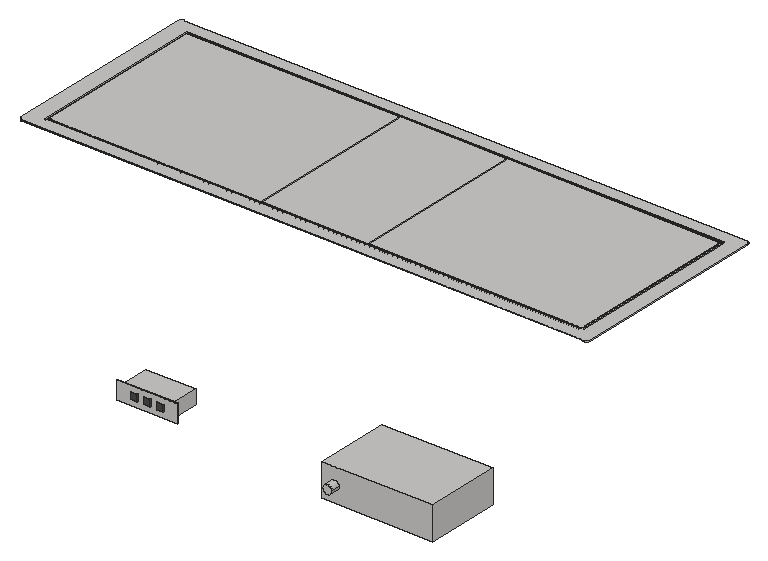
Revit family "QF_ELECTROLUXPROFESSIONAL_341018_D04H5", category Specialty Equipment, Revit 2018
Family settings
  Round Connector Dimension = Use Diameter
  Part Type = Normal
  Work Plane-Based = No
  Always vertical = Yes
  Cut with Voids When Loaded = No
  Shared = No
  Room Calculation Point = No
Parameters (values of type "Standard")
  Weight = 31.70 kg
  Watts = 0 W
  Volts = 220 V
  URL Manufacturer = "http://professional.electrolux.com"
  URL = "http://professional.electrolux.com"
  Steam Supply Size = 0 mm
  Steam Supply Minimum Pressure = 0.0 Pa
  Steam Supply Maximum Pressure = 0.0 Pa
  Steam Pounds per Hour = 0
  Show Clearance [instance] = yes
  Remote Electrical Box_Z [instance] = 200.00 mm
  Remote Electrical Box_Y [instance] = 500.00 mm
  Remote Electrical Box_X [instance] = 1000.00 mm
  Refrigeration Suction Line Size = 0 mm
  Refrigeration Liquid Line Size = 0 mm
  Refrigerant Compressor Remote = yes
  Manufacturer = "Electrolux Professional"
  Phase = 1
  Model = "D04H5"
  Length Actual = 1740.00 mm  # constant formula
  Item Number = "341018"
  Hot Water Size = 0 mm
  Height Actual = 80.00 mm  # constant formula
  HP = "0 HP"
  Gas Size = 0 mm
  Gas KW = 0
  Gas Input Pressure = 0 W
  Direct Waste Size = 0 mm
  Description = "DROP-IN TEMPERED GLASS TOP, 5GN"
  Depth Actual = 620.00 mm  # constant formula
  Cycle = 60 Hz
  Controller_Y [instance] = 500.00 mm
  Controller_1Z [instance] = 200.00 mm
  Controller_1X [instance] = 300.00 mm
  Condensate Return Size = 0 mm
  Compressed Air Volume = 0.0 L/s
  Compressed Air Size = 0 mm
  Compressed Air Pressure = 0.0 Pa
  Cold Water Size = 0 mm
  Accessory = yes
Types (2, lengths in mm): name | Volts | URL Manufacturer | URL | Manufacturer | Phase | Model | Item Number | Description | Cycle
  341018.rfa | 0 V | "" | 0.00 | 0.00 | 0 | 0.00 | "" | 0.00 | 0 Hz
  Standard | 220 V | "http://professional.electrolux.com" | "http://professional.electrolux.com" | "Electrolux Professional" | 1 | "D04H5" | "341018" | "DROP-IN TEMPERED GLASS TOP, 5GN" | 60 Hz
Reference planes
  plane 1 "Centro (Fronte/Retro)": y = 74.737
  plane 2: z = 0
  plane 3 "BACK": y = 384.737
  plane 4 "FRONT": y = -235.263
  plane 5 "RIGHT": x = 355.731
  plane 6 "LEFT": x = -1384.269
  plane 7: x = -514.269
  plane 8 "TOP": z = 900
  plane 9: y = 345.957
  plane 10: y = -196.483
  plane 11: x = -1334.989
  plane 12: x = 306.451
  plane 13: z = 898
  plane 14: z = 822
  plane 15: z = 825
  plane 16: x = 300.231
  plane 17: x = -1328.769
  plane 18: y = 339.737
  plane 19: y = -190.263
  plane 20: x = -515.269
  plane 21: x = -513.269
  plane 22: x = -678.769
  plane 23: x = -676.769
  plane 24: x = -351.769
  plane 25: x = -349.769
  plane 26: x = -1084.269
  plane 27: x = -384.269
  plane 28: y = -115.263
  plane 29: y = -115.263
  plane 30: z = 200
  plane 31: z = 200
Forms (mm)
  Extrusion 1, solid, material "QF_Finishes_Stainless Steel"
    sketch origin (0, 0, 900) x (-1, 0, 0) y (0, -1, 0)
      loop
        arc (1374.269, -384.737) -> (1381.34, -381.808) -> (1384.269, -374.737) r 10
        line (1384.269, -374.737) -> (1384.269, 225.263)
        arc (1384.269, 225.263) -> (1381.34, 232.334) -> (1374.269, 235.263) r 10
        line (1374.269, 235.263) -> (-345.731, 235.263)
        arc (-345.731, 235.263) -> (-352.802, 232.334) -> (-355.731, 225.263) r 10
        line (-355.731, 225.263) -> (-355.731, -374.737)
        arc (-355.731, -374.737) -> (-352.802, -381.808) -> (-345.731, -384.737) r 10
        line (-345.731, -384.737) -> (1374.269, -384.737)
      loop
        line (1334.989, -345.957) -> (1334.989, 196.483) -> (-306.451, 196.483) -> (-306.451, -345.957) -> (1334.989, -345.957)
    from 0 to -2
  Extrusion 2, solid, material "QF_Finishes_Stainless Steel"
    sketch origin (0, 0, 900) x (-1, 0, 0) y (0, -1, 0)
      loop
        line (1334.989, -345.957) -> (1334.989, 196.483) -> (-306.451, 196.483) -> (-306.451, -345.957) -> (1334.989, -345.957)
    from -2 to -78
  Sweep 3, void
    path origin (0, 0, 900) x (-1, 0, 0) y (0, -1, 0)
      loop
        line (1334.989, -345.957) -> (1334.989, 196.483) -> (-306.451, 196.483) -> (-306.451, -345.957) -> (1334.989, -345.957)
    profile origin (-514.269, 345.957, 900) x (0, 1, 0) y (0, 0, 1)
      loop
        line (0, -2) -> (-75, -78.22) -> (0, -78.22) -> (0, -2)
  Extrusion 4, solid, material "QF_Finishes_Stainless Steel"
    sketch origin (0, 0, 900) x (-1, 0, 0) y (0, -1, 0)
      loop
        line (1328.769, -339.737) -> (1328.769, 190.263) -> (678.769, 190.263) -> (678.769, -339.737) -> (1328.769, -339.737)
      loop
        line (349.769, -339.737) -> (349.769, 190.263) -> (-300.231, 190.263) -> (-300.231, -339.737) -> (349.769, -339.737)
      loop
        line (676.769, -339.737) -> (676.769, 190.263) -> (351.769, 190.263) -> (351.769, -339.737) -> (676.769, -339.737)
    from -2 to 0
Cuts and joins
  Sweep 3 cuts Extrusion 2
Lines and regions (mm)
  symbolic lines
    curve 1: line (345.731, 384.737, 900) -> (-1374.269, 384.737, 900)
    curve 2: arc (-1374.269, 384.737, 900) -> (-1381.34, 381.808, 900) -> (-1384.269, 374.737, 900) r 10
    curve 3: line (-1384.269, 374.737, 900) -> (-1384.269, -225.263, 900)
    curve 4: arc (-1384.269, -225.263, 900) -> (-1381.34, -232.334, 900) -> (-1374.269, -235.263, 900) r 10
    curve 5: line (-1374.269, -235.263, 900) -> (345.731, -235.263, 900)
    curve 6: arc (345.731, -235.263, 900) -> (352.802, -232.334, 900) -> (355.731, -225.263, 900) r 10
    curve 7: line (355.731, -225.263, 900) -> (355.731, 374.737, 900)
    curve 8: arc (355.731, 374.737, 900) -> (352.802, 381.808, 900) -> (345.731, 384.737, 900) r 10
    curve 9: line (-1334.989, 345.957, 900) -> (306.451, 345.957, 900)
    curve 10: line (-1334.989, -196.483, 900) -> (-1334.989, 345.957, 900)
    curve 11: line (306.451, -196.483, 900) -> (-1334.989, -196.483, 900)
    curve 12: line (306.451, 345.957, 900) -> (306.451, -196.483, 900)
    curve 13: line (-1328.769, 339.737, 900) -> (-678.769, 339.737, 900)
    curve 14: line (-1328.769, -190.263, 900) -> (-1328.769, 339.737, 900)
    curve 15: line (-678.769, -190.263, 900) -> (-1328.769, -190.263, 900)
    curve 16: line (-678.769, 339.737, 900) -> (-678.769, -190.263, 900)
    curve 17: line (300.231, -190.263, 900) -> (300.231, 339.737, 900)
    curve 18: line (-349.769, -190.263, 900) -> (-349.769, 339.737, 900)
    curve 19: line (-349.769, 339.737, 900) -> (300.231, 339.737, 900)
    curve 20: line (300.231, -190.263, 900) -> (-349.769, -190.263, 900)
    curve 21: line (-676.769, 339.737, 900) -> (-351.769, 339.737, 900)
    curve 22: line (-676.769, -190.263, 900) -> (-676.769, 339.737, 900)
    curve 23: line (-351.769, -190.263, 900) -> (-676.769, -190.263, 900)
    curve 24: line (-351.769, 339.737, 900) -> (-351.769, -190.263, 900)
  symbolic lines, style "SpecialityEquipmentHiddenLines"
    curve 25: line (-1334.989, 345.957, 900) -> (-1259.989, 270.957, 900)
    curve 26: line (-1259.989, 270.957, 900) -> (231.451, 270.957, 900)
    curve 27: line (-1259.989, -121.483, 900) -> (-1259.989, 270.957, 900)
    curve 28: line (-1334.989, -196.483, 900) -> (-1259.989, -121.483, 900)
    curve 29: line (231.451, -121.483, 900) -> (-1259.989, -121.483, 900)
    curve 30: line (306.451, -196.483, 900) -> (231.451, -121.483, 900)
    curve 31: line (231.451, 270.957, 900) -> (231.451, -121.483, 900)
    curve 32: line (231.451, 270.957, 900) -> (306.451, 345.957, 900)
Dimensions and locks
  plane 6 "LEFT" to plane 5 "RIGHT" = 1740.00 mm
  equal spacing: plane 3 "BACK", plane 1 "Centro (Fronte/Retro)", plane 4 "FRONT"
  plane 3 "BACK" to plane 4 "FRONT" = 620.00 mm
  equal spacing: plane 6 "LEFT", plane 7, plane 5 "RIGHT"
  locked: plane 8 "TOP" to plane 2 at 900
  locked: plane 3 "BACK" to plane 9 at 38.78
  locked: plane 10 to plane 4 "FRONT" at 38.78
  plane 6 "LEFT" to plane 11 = 49.28 mm
  plane 12 to plane 5 "RIGHT" = 49.28 mm
  locked: plane 8 "TOP" to plane 13 at 2
  plane 8 "TOP" to plane 14 = 78.00 mm
  locked: plane 15 to plane 14 at 3
  locked: plane 11 to plane 17 at 6.22
  locked: plane 16 to plane 12 at 6.22
  locked: plane 9 to plane 18 at 6.22
  locked: plane 19 to plane 10 at 6.22
  plane 17 to plane 20 to plane 21 to plane 16 = 813.50 mm, 2.00 mm, 813.50 mm
  plane 17 to plane 16 = 1629.00 mm
  plane 18 to plane 19 = 530.00 mm
  "Controller_Y": plane 3 "BACK" to plane 29
  "Remote Electrical Box_Y": plane 3 "BACK" to plane 28
  "Controller_1X": plane 6 "LEFT" to plane 26
  "Remote Electrical Box_X": plane 6 "LEFT" to plane 27
  "Controller_1Z": plane 31 to plane 2
  "Remote Electrical Box_Z": plane 30 to plane 2
  aligned and locked: level to plane 2
  aligned and locked: Extrusion 1 sketch curve to plane 3 "BACK"
  aligned and locked: plane 6 "LEFT" to Extrusion 1 sketch curve
  aligned and locked: plane 4 "FRONT" to Extrusion 1 sketch curve
  aligned and locked: Extrusion 1 sketch curve to plane 5 "RIGHT"
  aligned and locked: Extrusion 1 sketch curve to plane 9
  aligned and locked: plane 11 to Extrusion 1 sketch curve
  aligned and locked: Extrusion 1 sketch curve to plane 10
  aligned and locked: Extrusion 1 sketch curve to plane 12
  aligned and locked: Extrusion 1 to plane 13
  aligned and locked: Extrusion 2 to plane 14
  aligned and locked: Extrusion 2 to Extrusion 1
  aligned and locked: plane 11 to Extrusion 2 sketch curve
  aligned and locked: Extrusion 2 sketch curve to plane 9
  aligned and locked: Extrusion 2 sketch curve to plane 12
  aligned and locked: Extrusion 2 sketch curve to plane 10
  aligned and locked: Sweep 3 sketch curve to Extrusion 1  (x4)
  aligned and locked: Extrusion 4 sketch curve to plane 18
  aligned and locked: plane 17 to Extrusion 4 sketch curve
  aligned and locked: plane 19 to Extrusion 4 sketch curve
  aligned and locked: Extrusion 1 to Extrusion 4
  aligned and locked: plane 8 "TOP" to Extrusion 4
  aligned and locked: plane 25 to Extrusion 4 sketch curve
  aligned and locked: Extrusion 4 sketch curve to plane 22
  aligned and locked: Extrusion 4 sketch curve to curve 21
  aligned and locked: Extrusion 4 sketch curve to curve 22
  aligned and locked: Extrusion 4 sketch curve to curve 23
  aligned and locked: Extrusion 4 sketch curve to curve 24
  aligned and locked: plane 26 to nested 1
  aligned and locked: plane 27 to nested 2
  aligned and locked: plane 28 to nested 2
  aligned and locked: plane 29 to nested 1
  aligned and locked: nested 1 to plane 31
  aligned and locked: plane 30 to nested 2
Automatic sketch dimensions
  Extrusion 1 sketch curve to plane 5 "RIGHT" = 10.00 mm
  Extrusion 1 sketch curve to plane 3 "BACK" = 10.00 mm  (x2)
  Extrusion 1 sketch curve to Extrusion 1 sketch curve = 10.00 mm
  Sweep 3 sketch curve to profile plane = 0.00 mm
  profile plane to Sweep 3 sketch curve = 75.00 mm
  Sweep 3 sketch curve to plane 8 "TOP" = 78.22 mm
  Sweep 3 sketch curve to plane 8 "TOP" = 2.00 mm
  curve 7 to plane 5 "RIGHT" = 0.00 mm
  curve 8 to plane 3 "BACK" = 0.00 mm
  curve 5 to plane 4 "FRONT" = 0.00 mm
  plane 9 to curve 12 = 0.00 mm
  curve 12 to plane 12 = 0.00 mm
  curve 17 to plane 16 = 0.00 mm
  curve 19 to plane 18 = 0.00 mm
  curve 19 to plane 25 = 0.00 mm
  curve 21 to plane 18 = 0.00 mm
  curve 21 to plane 24 = 0.00 mm
  curve 23 to plane 19 = 0.00 mm
  curve 23 to plane 23 = 0.00 mm
  curve 16 to plane 19 = 0.00 mm
  curve 16 to plane 22 = 0.00 mm
  curve 15 to plane 17 = 0.00 mm
  curve 10 to plane 10 = 0.00 mm
  curve 10 to plane 11 = 0.00 mm
  curve 4 to plane 6 "LEFT" = 0.00 mm
  curve 16 to plane 18 = 0.00 mm
  curve 20 to plane 19 = 0.00 mm
  curve 6 to curve 6 = 10.00 mm
  curve 8 to plane 3 "BACK" = 10.00 mm
  curve 2 to plane 3 "BACK" = 10.00 mm
  plane 4 "FRONT" to curve 4 = 10.00 mm
  Extrusion 4 sketch curve to plane 16 = 0.00 mm
  Extrusion 4 sketch curve to plane 18 = 0.00 mm
  Extrusion 4 sketch curve to plane 19 = 0.00 mm
  plane 17 to curve 25 = 68.78 mm
  plane 19 to curve 27 = 68.78 mm
  curve 29 to plane 16 = 68.78 mm
  curve 26 to plane 18 = 68.78 mm
Nested families
  nested 1: "Controller" at (-1084.269, -115.263, 200), type "Controller"
  nested 2: "Remote_Electrical_Box" at (-384.269, -0.263, 100), type "Remote_Electrical_Box"
  nested 3: "Sun" at (175.731, -45.263, 900), type "Sun"
Connectors
  electrical at (-514.269, -142.263, 149.381)
    settings: on nested 2, index 1, voltage 0 V, apparent load 0 VA, apparent load phase1 0 VA, apparent load phase2 0 VA, apparent load phase3 0 VA, power factor 1, load classification "Altro", number of poles 1, system type 14, power factor state 1, is connector primary yes, connector utility no, sub classification motor no, connector description ""
Definition of nested family "Controller"
  Reference planes
    plane 1 "Center (Front/Back)": y = 0
    plane 2: z = 0
    plane 3 "Center (Left/Right)": x = 0
  Forms (mm)
    Extrusion 1, solid
      sketch origin (0, 44.769, -48.2) x (1, 0, 0) y (0, 1, 0)
        loop
          line (-76, 43.231) -> (-76, -47.65) -> (76, -47.65) -> (76, 43.231) -> (-76, 43.231)
      from 6.2 to 48.2
    Extrusion 2, solid
      sketch origin (0, 44.769, -48.2) x (1, 0, 0) y (0, 0, 1)
        loop
          line (-92.25, 54.4) -> (-92.25, 0) -> (92.25, 0) -> (92.25, 54.4) -> (-92.25, 54.4)
        loop
          line (-76, 48.2) -> (-76, 6.2) -> (76, 6.2) -> (76, 48.2) -> (-76, 48.2)
      from 44.769 to 47.65
    Extrusion 3, solid
      sketch origin (76, -2.881, -48.2) x (-1, 0, 0) y (0, 0, -1)
        loop
          line (106, -37.2) -> (126, -37.2) -> (126, -17.2) -> (106, -17.2) -> (106, -37.2)
        loop
          line (66, -37.2) -> (86, -37.2) -> (86, -17.2) -> (66, -17.2) -> (66, -37.2)
        loop
          line (26, -37.2) -> (46, -37.2) -> (46, -17.2) -> (26, -17.2) -> (26, -37.2)
      from 0 to 2
    Extrusion 4, void
      sketch origin (0, 0, 0) x (1, 0, 0) y (0, 1, 0)
        loop
          line (76, 88) -> (-76, 88) -> (-76, 0) -> (76, 0) -> (76, 88)
      from 0 to -42
  Cuts and joins
    Extrusion 4 cuts Extrusion 2
    joined: Extrusion 1, Extrusion 2
  Lines and regions (mm)
    symbolic lines
      curve 1: line (-76, 88, 0) -> (-76, 0, 0)
      curve 2: line (76, 88, 0) -> (-76, 88, 0)
      curve 3: line (76, 0, 0) -> (76, 88, 0)
      curve 4: line (-92.25, -2.881, 0) -> (92.25, -2.881, 0)
      curve 5: line (-92.25, 0, 0) -> (-92.25, -2.881, 0)
      curve 6: line (92.25, 0, 0) -> (-92.25, 0, 0)
      curve 7: line (92.25, -2.881, 0) -> (92.25, 0, 0)
  Dimensions and locks
    aligned and locked: level to plane 2
Definition of nested family "Remote_Electrical_Box"
  Parameters (values of type "Remote_Electrical_Box")
    Default Elevation = 1219.20 mm
  Reference planes
    plane 1 "Center (Front/Back)": y = 0
    plane 2: z = 0
    plane 3 "Center (Left/Right)": x = 0
    plane 4: x = -170
    plane 5: x = 170
    plane 6: y = 115
    plane 7: y = -115
    plane 8: z = 100
    plane 9: z = 50
  Forms (mm)
    Extrusion 1, solid
      sketch origin (0, 0, 0) x (1, 0, 0) y (0, 1, 0)
        loop
          line (-170, 115) -> (-170, -115) -> (170, -115) -> (170, 115) -> (-170, 115)
      from 0 to 100
    Extrusion 2, solid
      sketch origin (0, 0, 0) x (1, 0, 0) y (0, 0, 1)
        loop
          circle (-130, 49.381) r 13
      from 115 to 142
  Lines and regions (mm)
    symbolic lines
      curve 1: line (-170, 115, 0) -> (170, 115, 0)
      curve 2: line (-170, -115, 0) -> (-170, 115, 0)
      curve 3: line (170, -115, 0) -> (-170, -115, 0)
      curve 4: line (170, 115, 0) -> (170, -115, 0)
      curve 5: line (-143, -142, 0) -> (-117, -142, 0)
      curve 6: line (-143, -142, 0) -> (-143, -115, 0)
      curve 7: line (-117, -142, 0) -> (-117, -115, 0)
  Dimensions and locks
    equal spacing: plane 4, plane 3 "Center (Left/Right)", plane 5
    equal spacing: plane 6, plane 1 "Center (Front/Back)", plane 7
    plane 4 to plane 5 = 340.00 mm
    plane 6 to plane 7 = 230.00 mm
    Extrusion 1 to Extrusion 2 sketch curve = 40.00 mm
    equal spacing: plane 8, plane 9, plane 2
    aligned and locked: level to plane 2
    aligned and locked: Extrusion 1 sketch curve to plane 6
    aligned and locked: plane 4 to Extrusion 1 sketch curve
    aligned and locked: plane 7 to Extrusion 1 sketch curve
    aligned and locked: Extrusion 1 sketch curve to plane 5
    aligned and locked: plane 7 to Extrusion 2
    aligned and locked: plane 8 to Extrusion 1
  Automatic sketch dimensions
    level to Extrusion 2 sketch curve = 49.381 mm
    curve 3 to plane 4 = 0.00 mm
    curve 7 to plane 7 = 0.00 mm
    curve 3 to plane 5 = 0.00 mm
    curve 2 to plane 6 = 0.00 mm
    plane 4 to curve 6 = 27.00 mm
    curve 5 to curve 6 = 27.00 mm
    curve 6 to curve 7 = 26.00 mm
    radius of Extrusion 2 sketch curve = 13.00 mm
Definition of nested family "Sun"
  Reference planes
    plane 1 "Center (Front/Back)": y = 0
    plane 2: z = 0
    plane 3 "Center (Left/Right)": x = 0
  Lines and regions (mm)
    detail lines, in view "Ref. Level"
      curve 1: circle (0, 0, 0) r 35 normal (0, 0, 1)
      curve 2: line (-18, 31.177, 0) -> (-30, 51.962, 0)
      curve 3: line (0, 36, 0) -> (0, 60, 0)
      curve 4: line (18, 31.177, 0) -> (30, 51.962, 0)
      curve 5: line (31.177, 18, 0) -> (51.962, 30, 0)
      curve 6: line (36, 0, 0) -> (60, 0, 0)
      curve 7: line (31.177, -18, 0) -> (51.962, -30, 0)
      curve 8: line (18, -31.177, 0) -> (30, -51.962, 0)
      curve 9: line (0, -36, 0) -> (0, -60, 0)
      curve 10: line (-18, -31.177, 0) -> (-30, -51.962, 0)
      curve 11: line (-31.177, -18, 0) -> (-51.962, -30, 0)
      curve 12: line (-36, 0, 0) -> (-60, 0, 0)
      curve 13: line (-31.177, 18, 0) -> (-51.962, 30, 0)
